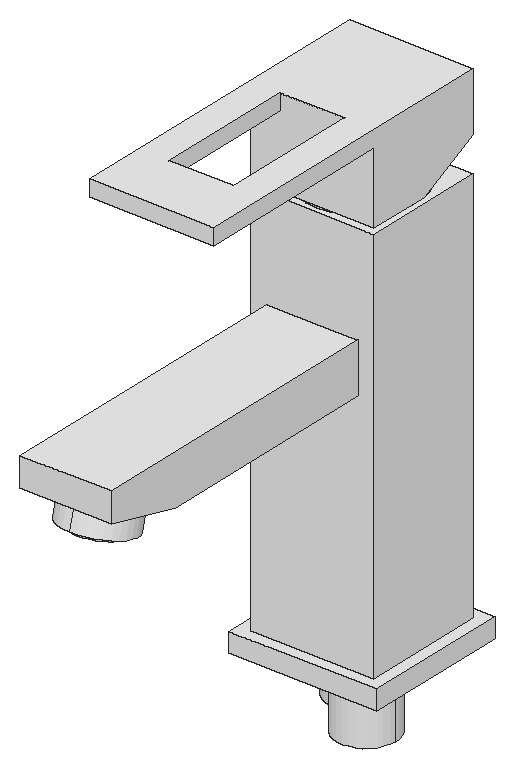
Revit family "Mixer-Basin-Caroma Quatro", category Plumbing Fixtures, host Face, Revit 2013
Parameters (values of type "Standard")
  Waste Connection = no
  Vent Connection = no
  URL = "http://www.caroma.com.au/"
  Type Comments = "Caroma Quatro Basin Mixer"  # constant formula
  Model = "90700C6A"  # constant formula
  Material_ANZRS = Metal-Chrome-Caroma
  Manufacturer = "GWA Bathrooms & Kitchens"  # constant formula
  HWFU = 1.2  # constant formula
  HW Connection = yes
  Description = "WELS 6 Star rated, 4.5L/min"  # constant formula
  Default Elevation = 0 mm
  CreatedBy_ANZRS = "Design Content"  # constant formula
  CreatedByURL_ANZRS = "www.designcontent.com.au"
  Cost = 0
  Connector Radius = 10 mm
  CWFU = 1.2  # constant formula
  CW Connection = yes
  Assembly Code = "C1030210"
Reference planes
  plane 1 "Center (Front/Back)": y = 0
  plane 2: z = 0
  plane 3 "Center (Left/Right)": x = 0
Forms (mm)
  Extrusion 1, void
    sketch origin (0, 2.5, 2) x (0, 1, 0) y (0, 0, 1)
      loop
        line (-5.184, 140.225) -> (22.235, 140.225) -> (22.235, 153.305) -> (-5.184, 140.225)
    from -50 to 50
  Revolve 2, solid, material "Metal-Chrome-Caroma" <- "Material_ANZRS"
    sketch origin (0, -95.752, -92.948) x (0, 0.989074, -0.147421) y (0, 0.147421, 0.989074)
      loop
        line (-34.304, 171.991) -> (-33.605, 173.426) -> (-30.608, 173.111) -> (-29.766, 181.125) -> (-41.7, 182.38) -> (-42.699, 172.873) -> (-34.304, 171.991)
      axis (-42.699, 172.873) -> (-41.7, 182.38)
    angle from 0 to 360
  Extrusion 3, solid, material "Metal-Chrome-Caroma" <- "Material_ANZRS"
    sketch origin (14.2, 0, 0) x (1, 0, 0) y (0, 1, 0)
      loop
        circle (-7.071, -7.071) r 10
    from -20 to 0
  Extrusion 4, solid, material "Metal-Chrome-Caroma" <- "Material_ANZRS"
    sketch origin (-14.2, 0, 0) x (-1, 0, 0) y (0, -1, 0)
      loop
        circle (-7.071, -7.071) r 10
    from -20 to 0
  Extrusion 5, solid, material "Metal-Chrome-Caroma" <- "Material_ANZRS"
    sketch origin (0, 0, -119) x (1, 0, 0) y (0, 1, 0)
      loop
        line (21, -88.994) -> (21, -21) -> (11, -21) -> (11, -68) -> (-11, -68) -> (-11, -21) -> (-21, -21) -> (-21, -88.994) -> (21, -88.994)
    from 287.003 to 292.502
  Extrusion 6, solid, material "Metal-Chrome-Caroma" <- "Material_ANZRS"
    sketch origin (0, 0, -120) x (1, 0, 0) y (0, 1, 0)
      loop
        line (-15.5, 0) -> (-15.5, -125.475) -> (15.499, -125.475) -> (15.499, 0) -> (-15.5, 0)
    from 210.5 to 227.5
  Extrusion 7, void
    sketch origin (0, 50.5, -120) x (0, 1, 0) y (0, 0, 1)
      loop
        line (-184.759, 219.822) -> (-184.759, 196.758) -> (-144.759, 196.758) -> (-144.759, 209.494) -> (-184.759, 219.822)
    from -30 to 30
  Extrusion 8, solid, material "Metal-Chrome-Caroma" <- "Material_ANZRS"
    sketch origin (0, 0, 0) x (1, 0, 0) y (0, 1, 0)
      loop
        line (-25, 25) -> (-25, -25) -> (25, -25) -> (25, 25) -> (-25, 25)
    from 0 to 6.496
  Extrusion 9, solid, material "Metal-Chrome-Caroma" <- "Material_ANZRS"
    sketch origin (0, 0, 0) x (1, 0, 0) y (0, 1, 0)
      loop
        line (-21, 21) -> (-21, -21) -> (21, -21) -> (21, 21) -> (-21, 21)
    from 6.496 to 141.5
  Extrusion 10, solid, material "Metal-Chrome-Caroma" <- "Material_ANZRS"
    sketch origin (0, 0, -119) x (1, 0, 0) y (0, 1, 0)
      loop
        line (21, 21) -> (-21, 21) -> (-21, -21) -> (21, -21) -> (21, 21)
    from 262.5 to 292.502
  Revolve 11, solid, material "Metal-Chrome-Caroma" <- "Material_ANZRS", detail levels fine
    sketch origin (0, 0, -119) x (0, 1, 0) y (0, 0, 1)
      loop
        line (-21, 274.284) -> (-21, 278.776)
        arc (-21, 278.776) -> (-21.757, 278.721) -> (-22.273, 278.164) r 1.034
        arc (-22.273, 278.164) -> (-22.817, 276.258) -> (-23, 274.284) r 10.71
        line (-23, 274.284) -> (-21, 274.284)
      axis (-23, 274.284) -> (-21, 274.284)
    angle from 0 to 360
  Revolve 12, solid, material "Metal-Chrome-Caroma" <- "Material_ANZRS"
    sketch origin (0, 0, -119) x (0, 1, 0) y (0, 0, 1)
      loop
        arc (18.995, 260.5) -> (17.363, 268.413) -> (12.735, 275.035) r 20.004
        line (12.735, 275.035) -> (0, 275.035) -> (0, 260.5) -> (18.995, 260.5)
      axis (0, 275.035) -> (0, 260.5)
    angle from 0 to 360
Cuts and joins
  Extrusion 7 cuts Extrusion 6
  Extrusion 1 cuts Extrusion 10
  joined: Revolve 2, Extrusion 5, Extrusion 6, Extrusion 9, Extrusion 10, Revolve 12
Lines and regions (mm)
  Masking region 1
    outline origin (0, 0, 0) x (0, 1, 0) y (0, 0, 1)
      loop
        line (25, 0) -> (25, 6.496) -> (21, 6.496) -> (21, 141.5) -> (18.995, 141.5)
        arc (18.995, 141.5) -> (18.338, 146.584) -> (16.411, 151.334) r 20.004
        line (16.411, 151.334) -> (21, 153.523) -> (21, 173.502) -> (-89, 173.502) -> (-89, 168.003) -> (-21, 168.003) -> (-21, 143.5) -> (-18.894, 143.5)
        arc (-18.894, 143.5) -> (-18.97, 142.501) -> (-18.995, 141.5) r 20.004
        line (-18.995, 141.5) -> (-21, 141.5) -> (-21, 107.5) -> (-125.5, 107.5) -> (-125.5, 97.56) -> (-121.732, 96.587) -> (-123.747, 88.784) -> (-120.829, 88.031) -> (-120.676, 86.442) -> (-104.33, 82.222) -> (-103.427, 83.538) -> (-100.509, 82.784) -> (-98.517, 90.5) -> (-21, 90.5) -> (-21, 6.478) -> (-24.977, 6.478) -> (-24.977, 0) -> (25, 0)
  Masking region 2
    outline origin (0, 0, 0) x (1, 0, 0) y (0, 0, 1)
      loop
        line (-25, 0) -> (25, 0) -> (25, 6.496) -> (21, 6.496) -> (21, 141.5) -> (18.995, 141.5) -> (18.995, 143.5) -> (21, 143.5) -> (21, 173.502) -> (-21, 173.502) -> (-21, 143.5) -> (-18.995, 143.5) -> (-18.995, 141.5) -> (-21, 141.5) -> (-21, 6.496) -> (-25, 6.496) -> (-25, 0)
  Masking region 3
    outline origin (0, 0, 0) x (1, 0, 0) y (0, 1, 0)
      loop
        line (-25, 25) -> (-25, -25) -> (-21, -25) -> (-21, -88.994) -> (-15.5, -88.994) -> (-15.5, -125.475) -> (15.499, -125.475) -> (15.499, -88.994) -> (21, -88.994) -> (21, -25) -> (25, -25) -> (25, 25) -> (-25, 25)
      loop
        line (-11, -68) -> (11, -68) -> (11, -25) -> (-11, -25) -> (-11, -68)
  symbolic lines
    curve 1: line (-21, 0, 168.003) -> (21, 0, 168.003)
    curve 2: line (-21, 0, 143.5) -> (21, 0, 143.5)
    curve 3: line (21, 0, 141.5) -> (-21, 0, 141.5)
    curve 4: line (15.499, 0, 107.5) -> (-15.5, 0, 107.5)
    curve 5: line (-15.5, 0, 97.554) -> (15.499, 0, 97.554)
    curve 6: line (-15.5, 0, 107.5) -> (-15.5, 0, 90.5)
    curve 7: line (15.499, 0, 90.5) -> (15.499, 0, 107.5)
    curve 8: line (-15.5, 0, 90.5) -> (-12, 0, 90.5)
    curve 9: spline (12, 0, 93.587) -> (11.591, 0, 94.363) -> (10.392, 0, 95.087) -> (8.485, 0, 95.708) -> (6, 0, 96.185) -> (3.106, 0, 96.485) -> (0, 0, 96.587) -> (-3.106, 0, 96.485) -> (-6, 0, 96.185) -> (-8.485, 0, 95.708) -> (-10.392, 0, 95.087) -> (-11.591, 0, 94.363) -> (-12, 0, 93.587)
    curve 10: spline (-7.746, 0, 83.493) -> (-9.437, 0, 83.931) -> (-10.739, 0, 84.446) -> (-11.599, 0, 85.015) -> (-11.981, 0, 85.617) -> (-11.87, 0, 86.225) -> (-11.269, 0, 86.815) -> (-10.204, 0, 87.363) -> (-8.719, 0, 87.845) -> (-6.874, 0, 88.243) -> (-4.746, 0, 88.54) -> (-2.423, 0, 88.722) -> (0, 0, 88.784)
    curve 11: spline (0, 0, 88.784) -> (2.423, 0, 88.722) -> (4.746, 0, 88.54) -> (6.874, 0, 88.243) -> (8.719, 0, 87.845) -> (10.204, 0, 87.363) -> (11.269, 0, 86.815) -> (11.87, 0, 86.225) -> (11.981, 0, 85.617) -> (11.599, 0, 85.015) -> (10.739, 0, 84.446) -> (9.437, 0, 83.931) -> (7.746, 0, 83.493)
    curve 12: spline (0, 0, 82.222) -> (2.185, 0, 82.293) -> (4.221, 0, 82.504) -> (5.969, 0, 82.84) -> (7.31, 0, 83.277) -> (8.154, 0, 83.786) -> (8.441, 0, 84.332) -> (8.154, 0, 84.878) -> (7.31, 0, 85.387) -> (5.969, 0, 85.824) -> (4.221, 0, 86.159) -> (2.185, 0, 86.37) -> (0, 0, 86.442)
    curve 13: spline (0, 0, 86.442) -> (-2.185, 0, 86.37) -> (-4.221, 0, 86.159) -> (-5.969, 0, 85.824) -> (-7.31, 0, 85.387) -> (-8.154, 0, 84.878) -> (-8.441, 0, 84.332) -> (-8.154, 0, 83.786) -> (-7.31, 0, 83.277) -> (-5.969, 0, 82.84) -> (-4.221, 0, 82.504) -> (-2.185, 0, 82.293) -> (0, 0, 82.222)
    curve 14: spline (8.987, 0, 85.784) -> (8.68, 0, 86.366) -> (7.783, 0, 86.908) -> (6.355, 0, 87.373) -> (4.493, 0, 87.73) -> (2.326, 0, 87.954) -> (0, 0, 88.031) -> (-2.326, 0, 87.954) -> (-4.493, 0, 87.73) -> (-6.355, 0, 87.373) -> (-7.783, 0, 86.908) -> (-8.68, 0, 86.366) -> (-8.987, 0, 85.784)
    curve 15: line (25, 0, 6.496) -> (-25, 0, 6.496)
    curve 16: line (12, 0, 90.5) -> (15.499, 0, 90.5)
    curve 17: line (-12, 0, 85.784) -> (-12, 0, 93.587)
    curve 18: line (12, 0, 85.784) -> (12, 0, 93.587)
    curve 19: line (-8.987, 0, 85.784) -> (-8.441, 0, 84.332)
    curve 20: line (8.441, 0, 84.332) -> (8.987, 0, 85.784)
    curve 21: line (-11, -21, 0) -> (11, -21, 0)
    curve 22: line (-11, -68, 0) -> (-11, -21, 0)
    curve 23: line (11, -68, 0) -> (-11, -68, 0)
    curve 24: line (11, -21, 0) -> (11, -68, 0)
    curve 25: line (-21, 21, 0) -> (21, 21, 0)
    curve 26: line (-21, -88.994, 0) -> (-21, 21, 0)
    curve 27: line (21, -88.994, 0) -> (-21, -88.994, 0)
    curve 28: line (21, 21, 0) -> (21, -88.994, 0)
    curve 29: line (0, 16.411, 151.334) -> (0, -0.011, 143.5)
    curve 30: line (0, -21, 143.5) -> (0, -0.011, 143.5)
    curve 31: line (0, 21, 141.5) -> (0, -21, 141.5)
    curve 32: line (0, -98.154, 90.5) -> (0, -125.475, 97.554)
    curve 33: line (0, -100.506, 82.784) -> (0, -123.744, 88.784)
    curve 34: line (0, -21, 141.5) -> (0, -21, 6.496)
    curve 35: line (0, 21, 6.496) -> (0, -21, 6.496)
Dimensions and locks
  aligned and locked: plane 2 to host face
  aligned and locked: level to host face
Connectors
  piping at (7.129, -7.071, -20), driven by "Connector Radius", driven by "CWFU"
    settings: on Extrusion 3, index 3, connector radius 0.3937", flow factor 0, pipe flow 0 GPM, pressure drop 0.00 psi, fitting loss kfactor 0, connector angle 0.00°, fixture units 1.2, engagement length 0 mm, flow configuration 3, flow direction 1, fitting loss method 1, system type 20, joint type 0, gender type 0, connector reference index -1, connector utility 0, adjustable connector no, is connector primary yes, fitting loss table "Inward Projecting Pipe", connector description "Cold Inlet"
  piping at (-7.129, 7.071, -20), driven by "Connector Radius", driven by "HWFU"
    settings: on Extrusion 4, index 4, connector radius 0.3937", flow factor 0, pipe flow 0 GPM, pressure drop 0.00 psi, fitting loss kfactor 0, connector angle 0.00°, fixture units 1.2, engagement length 0 mm, flow configuration 3, flow direction 1, fitting loss method 1, system type 19, joint type 0, gender type 0, connector reference index -1, connector utility 0, adjustable connector no, is connector primary no, fitting loss table "Inward Projecting Pipe", connector description "Hot Inlet"
